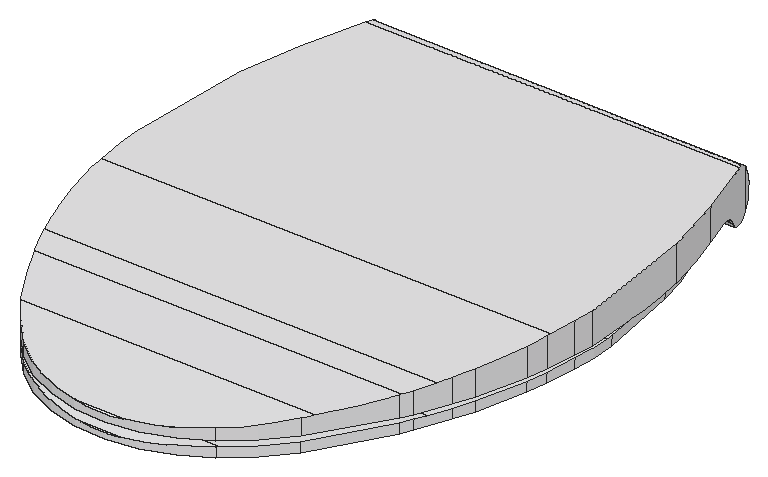
Revit family "Toilet_Seat-Elongated_Closed_Front-KALLISTA-Ultra-P78634", category Specialty Equipment, host Face, Revit 2022 (continued)
Definition of nested family "P78634"
  Automatic sketch dimensions
    Extrusion 21 sketch curve to Extrusion 21 sketch curve = 0.77483"
    Extrusion 21 sketch curve to Extrusion 21 sketch curve = 0.03671"
    Extrusion 21 sketch curve to Extrusion 21 sketch curve = 0"  (x20)
    Extrusion 22 sketch curve to plane 6 = 0.36631"
    Extrusion 22 sketch curve to plane 4 = 16.50161"
    plane 20 "ka" to Extrusion 22 sketch curve = 0.35555"
    Extrusion 22 sketch curve to plane 3 "Center (Left/Right)" = 0.68813"
    Extrusion 22 sketch curve to Extrusion 22 sketch curve = 0.01742"
    plane 3 "Center (Left/Right)" to Extrusion 22 sketch curve = 0.01774"
    Extrusion 22 sketch curve to Extrusion 22 sketch curve = 0.10676"
    plane 3 "Center (Left/Right)" to Extrusion 22 sketch curve = 0.4435"
    Extrusion 22 sketch curve to Extrusion 22 sketch curve = 0.11284"
    Extrusion 22 sketch curve to Extrusion 22 sketch curve = 0.58523"
    Extrusion 22 sketch curve to plane 12 = 0.57932"
    Extrusion 22 sketch curve to plane 11 = 1.29441"
    plane 11 to Extrusion 22 sketch curve = 0.6385"
    plane 5 to Extrusion 22 sketch curve = 3.67262"
    plane 14 to Extrusion 22 sketch curve = 1.84077"
    Extrusion 22 sketch curve to Extrusion 22 sketch curve = 0.03698"
    plane 12 to Extrusion 22 sketch curve = 0.43726"
    plane 12 to Extrusion 22 sketch curve = 0.89236"
    plane 12 to Extrusion 22 sketch curve = 1.0202"
    Extrusion 22 sketch curve to Extrusion 22 sketch curve = 0.06204"
    Extrusion 22 sketch curve to Extrusion 22 sketch curve = 0.43001"
    Extrusion 22 sketch curve to Extrusion 22 sketch curve = 0.02251"
    Extrusion 22 sketch curve to Extrusion 22 sketch curve = 0.84782"
    Extrusion 22 sketch curve to Extrusion 22 sketch curve = 1.27076"
    Extrusion 22 sketch curve to plane 20 "ka" = 0.27182"
    Extrusion 22 sketch curve to Extrusion 22 sketch curve = 0"  (x11)
    Extrusion 23 sketch curve to plane 9 = 0.00318"  (x2)
    Extrusion 23 sketch curve to Extrusion 23 sketch curve = 0.88676"
    Extrusion 23 sketch curve to plane 11 = 1.65842"
    plane 20 "ka" to Extrusion 23 sketch curve = 1.16976"
    plane 20 "ka" to Extrusion 23 sketch curve = 0.28299"
    plane 1 "Center (Front/Back)" to Extrusion 23 sketch curve = 0"  (x2)
    curve 123 to curve 132 = 0"  (x2)
    curve 124 to curve 134 = 0"  (x2)
    curve 125 to curve 135 = 0"  (x2)
    curve 126 to curve 136 = 0"  (x2)
    curve 127 to curve 131 = 0"  (x2)
    curve 128 to curve 130 = 0"  (x2)
    curve 121 to level = 0"
    plane 4 to curve 126 = 0.17305"
    plane 4 to curve 125 = 0.71188"
    plane 10 to curve 124 = 0.15922"
    plane 20 "ka" to curve 114 = 0.1417"
    curve 140 to plane 3 "Center (Left/Right)" = 0.24473"
    plane 3 "Center (Left/Right)" to curve 123 = 0.00198"
    plane 3 "Center (Left/Right)" to curve 133 = 0.00198"
    level to curve 117 = 0.15657"
    curve 117 to plane 11 = 1.93151"
    curve 122 to curve 122 = 0.24349"
    curve 122 to curve 117 = 0.15021"
    curve 121 to plane 11 = 1.17483"
    plane 11 to curve 127 = 0.04923"
    plane 11 to curve 142 = 0.25314"
    curve 130 to plane 5 = 0.25962"
    curve 129 to plane 5 = 0.13368"
    plane 19 to curve 140 = 199.32675"
    curve 116 to curve 120 = 0.04304"
    level to curve 139 = 0.20856"
    curve 115 to curve 122 = 0.08746"
    plane 18 to curve 142 = 0.13183"
    curve 136 to plane 15 = 0.59696"
    curve 129 to plane 15 = 0.5794"
    curve 129 to curve 130 = 0.08396"
    plane 15 to curve 125 = 0.59443"
    plane 15 to curve 131 = 6.18236"
    curve 127 to curve 121 = 3.51297"
    curve 121 to curve 134 = 0.6641"
    curve 124 to curve 133 = 105.26728"
    curve 133 to curve 132 = 0.09227"
    plane 4 to curve 137 = 0.13341"
    curve 126 to curve 126 = 0.04417"
    curve 125 to curve 126 = 0"
    plane 4 to curve 126 = 0.08118"
    plane 4 to curve 136 = 0.06398"
    curve 135 to curve 136 = 0"
    plane 4 to curve 136 = 0.01533"
    curve 134 to curve 135 = 0"
    curve 124 to curve 125 = 0"
    level to curve 138 = 0.20518"
    curve 138 to curve 134 = 0.43712"
    plane 18 to curve 133 = 0.14822"
    curve 132 to curve 134 = 0"
    curve 123 to curve 124 = 0"
    curve 138 to plane 10 = 0.05256"
    level to curve 112 = 0.1552"
    curve 112 to plane 20 "ka" = 0.6457"
    curve 112 to curve 139 = 0.19685"
    curve 140 to plane 17 = 0.0079"
    curve 140 to plane 20 "ka" = 0.27929"
    curve 139 to curve 113 = 0.19685"
    curve 112 to curve 117 = 0.00011"
    curve 121 to curve 122 = 0"
    curve 119 to curve 121 = 0.10272"
    curve 140 to plane 17 = 0.01813"
    curve 119 to curve 120 = 0.19685"
    curve 120 to curve 118 = 0.19685"
    plane 11 to curve 141 = 0.0485"
    curve 127 to curve 123 = 0"
    curve 131 to curve 132 = 0"
    plane 18 to curve 142 = 0.14587"
    curve 131 to curve 142 = 0.1658"
    level to curve 141 = 0.22736"
    curve 142 to curve 141 = 0.31805"
    curve 128 to curve 127 = 0"
    curve 130 to curve 131 = 0"
    curve 137 to plane 5 = 0.13591"
    curve 129 to curve 128 = 0"
    curve 129 to plane 5 = 0.05764"
    curve 130 to plane 5 = 0.01232"
    curve 119 to curve 119 = 0.04842"
    level to curve 141 = 0.21388"
    level to curve 138 = 0.22127"
    curve 137 to plane 18 = 0.15419"
    Masking region 2 sketch curve to Masking region 2 sketch curve = 0"  (x16)
    Masking region 2 sketch curve to plane 7 = 0"
    plane 19 to Masking region 2 sketch curve = 0"
    Masking region 2 sketch curve to plane 16 = 0"
    Masking region 2 sketch curve to plane 15 = 0"  (x2)
    Masking region 2 sketch curve to plane 9 = 0"
    Masking region 2 sketch curve to plane 7 = 3.17588"
    Masking region 2 sketch curve to plane 7 = 8.30115"
    Masking region 2 sketch curve to Masking region 2 sketch curve = 0.09199"
    plane 7 to Masking region 2 sketch curve = 0.13066"
    Masking region 2 sketch curve to Masking region 2 sketch curve = 0.08346"
    plane 7 to Masking region 2 sketch curve = 0.87761"
    plane 7 to Masking region 2 sketch curve = 1.14835"
    plane 17 to Masking region 2 sketch curve = 0.13743"
    Masking region 2 sketch curve to plane 14 = 1.59424"
    level to Masking region 2 sketch curve = 0.21154"
    Masking region 2 sketch curve to Masking region 2 sketch curve = 0.59426"
    Masking region 2 sketch curve to Masking region 2 sketch curve = 0.03099"
    Masking region 2 sketch curve to plane 16 = 0.00204"
    plane 14 to Masking region 2 sketch curve = 0.88123"
    plane 14 to Masking region 2 sketch curve = 1.12792"
    plane 14 to Masking region 2 sketch curve = 2.45366"
    plane 14 to Masking region 2 sketch curve = 2.52007"
    plane 18 to Masking region 2 sketch curve = 0.14819"
    Masking region 2 sketch curve to plane 12 = 1.57839"
    plane 12 to Masking region 2 sketch curve = 1.74792"
    Masking region 2 sketch curve to plane 13 = 2.18344"
    Masking region 2 sketch curve to plane 13 = 1.59182"
    Masking region 2 sketch curve to plane 13 = 1.40775"
    Masking region 2 sketch curve to plane 13 = 1.35288"
    plane 18 to Masking region 2 sketch curve = 0.20331"
    Masking region 2 sketch curve to plane 13 = 1.13635"
    Masking region 2 sketch curve to Masking region 2 sketch curve = 0.26071"
    plane 17 to Masking region 2 sketch curve = 0.00661"
    Masking region 2 sketch curve to Masking region 2 sketch curve = 0.60021"
    level to Masking region 2 sketch curve = 0.04431"
    Masking region 2 sketch curve to Masking region 2 sketch curve = 0.07332"
    Masking region 2 sketch curve to Masking region 2 sketch curve = 0.15857"
    Masking region 2 sketch curve to plane 18 = 0.15207"
    Masking region 2 sketch curve to Masking region 2 sketch curve = 0.12105"
    Masking region 2 sketch curve to plane 13 = 0.44365"
    Masking region 2 sketch curve to plane 13 = 0.31033"
    Masking region 2 sketch curve to plane 13 = 0.29495"
    Masking region 2 sketch curve to plane 13 = 0.06481"
    Masking region 2 sketch curve to plane 18 = 0.08549"
    plane 13 to Masking region 2 sketch curve = 0.17141"
    plane 17 to Masking region 2 sketch curve = 0.08973"
    Masking region 2 sketch curve to plane 18 = 0.01609"
    Masking region 2 sketch curve to Masking region 2 sketch curve = 0.529"
    Masking region 2 sketch curve to Masking region 2 sketch curve = 0.11104"
    plane 18 to Masking region 2 sketch curve = 0.37581"
    Masking region 2 sketch curve to Masking region 2 sketch curve = 0.15757"
    Masking region 2 sketch curve to plane 18 = 0.12165"
    Masking region 2 sketch curve to Masking region 2 sketch curve = 0.5116"
    Masking region 2 sketch curve to Masking region 2 sketch curve = 0.37155"
    Masking region 2 sketch curve to Masking region 2 sketch curve = 0.06723"
    Masking region 2 sketch curve to Masking region 2 sketch curve = 0.12697"
    Masking region 2 sketch curve to Masking region 2 sketch curve = 0.32634"
    Masking region 2 sketch curve to Masking region 2 sketch curve = 0.03556"
    Masking region 2 sketch curve to Masking region 2 sketch curve = 0.08064"
    Masking region 2 sketch curve to Masking region 2 sketch curve = 0.11623"
    plane 1 "Center (Front/Back)" to Masking region 2 sketch curve = 0.44955"
    Masking region 2 sketch curve to Masking region 2 sketch curve = 0.01254"
    plane 1 "Center (Front/Back)" to Masking region 2 sketch curve = 0.40747"
    plane 1 "Center (Front/Back)" to Masking region 2 sketch curve = 0.38371"
    Masking region 2 sketch curve to Masking region 2 sketch curve = 0.08036"
    Masking region 2 sketch curve to plane 15 = 0.04705"
    plane 1 "Center (Front/Back)" to Masking region 2 sketch curve = 0.28768"
    plane 1 "Center (Front/Back)" to Masking region 2 sketch curve = 0.23351"
    Masking region 2 sketch curve to plane 6 = 0.07797"
    level to Masking region 2 sketch curve = 0.00246"  (x2)
    Masking region 2 sketch curve to plane 6 = 0.03289"
    plane 6 to Masking region 2 sketch curve = 0.00267"
    plane 6 to Masking region 2 sketch curve = 4.51158"
    plane 19 to Masking region 2 sketch curve = 1.91239"
    plane 19 to Masking region 2 sketch curve = 2.10952"
    Masking region 2 sketch curve to Masking region 2 sketch curve = 1.1524"
    Masking region 2 sketch curve to Masking region 2 sketch curve = 2.22518"
    Masking region 2 sketch curve to Masking region 2 sketch curve = 23.58557"
    Masking region 2 sketch curve to Masking region 2 sketch curve = 234.97911"
    Masking region 2 sketch curve to Masking region 2 sketch curve = 1.91131"
    level to Masking region 2 sketch curve = 0.18579"
    Masking region 2 sketch curve to Masking region 2 sketch curve = 0.1924"  (x2)
    Masking region 2 sketch curve to Masking region 2 sketch curve = 0.00009"
    Masking region 2 sketch curve to plane 18 = 0.23219"
    Masking region 2 sketch curve to Masking region 2 sketch curve = 0.13299"
    Masking region 2 sketch curve to plane 18 = 0.11565"
    Masking region 2 sketch curve to plane 18 = 0.11272"
    Masking region 2 sketch curve to plane 18 = 0.09846"
    plane 18 to Masking region 2 sketch curve = 0.19487"
    plane 18 to Masking region 2 sketch curve = 0.25463"
    Masking region 2 sketch curve to Masking region 2 sketch curve = 0.14889"
    Masking region 2 sketch curve to Masking region 2 sketch curve = 0.14593"
    plane 18 to Masking region 2 sketch curve = 0.43409"
    Masking region 2 sketch curve to Masking region 2 sketch curve = 0.05395"
    plane 18 to Masking region 2 sketch curve = 0.57403"
    Masking region 2 sketch curve to Masking region 2 sketch curve = 0.28"
    Masking region 2 sketch curve to Masking region 2 sketch curve = 0.22526"
    Masking region 2 sketch curve to Masking region 2 sketch curve = 0.42424"
    Masking region 2 sketch curve to Masking region 2 sketch curve = 0.16317"
    plane 15 to Masking region 2 sketch curve = 3.24413"
    Masking region 2 sketch curve to Masking region 2 sketch curve = 0.85812"
    Masking region 2 sketch curve to Masking region 2 sketch curve = 2.29621"
    Masking region 2 sketch curve to Masking region 2 sketch curve = 0.30258"
    Masking region 2 sketch curve to Masking region 2 sketch curve = 4.24001"
    Masking region 2 sketch curve to Masking region 2 sketch curve = 15.95931"
    Masking region 2 sketch curve to Masking region 2 sketch curve = 6.13147"
    Masking region 2 sketch curve to Masking region 2 sketch curve = 35.35734"
    Masking region 2 sketch curve to Masking region 2 sketch curve = 0.47253"
    Masking region 2 sketch curve to Masking region 2 sketch curve = 217.93552"
    Masking region 2 sketch curve to Masking region 2 sketch curve = 93.74696"
    Masking region 2 sketch curve to Masking region 2 sketch curve = 0.04492"
    Masking region 2 sketch curve to plane 19 = 0.00903"
    Masking region 2 sketch curve to Masking region 2 sketch curve = 0.10671"
    Masking region 2 sketch curve to plane 19 = 0.01046"
    Masking region 2 sketch curve to Masking region 2 sketch curve = 0.0028"
    Masking region 2 sketch curve to Masking region 2 sketch curve = 0.03753"
    Masking region 2 sketch curve to plane 9 = 0.05382"
    curve 91 to curve 97 = 0"  (x2)
    curve 92 to curve 96 = 0"  (x2)
    curve 93 to curve 99 = 0"  (x2)
    curve 94 to curve 100 = 0"  (x2)
    curve 90 to plane 7 = 0"
    curve 73 to plane 14 = 0"
    curve 90 to plane 12 = 0"
    curve 86 to plane 13 = 0"
    curve 89 to plane 13 = 0"
    curve 94 to plane 9 = 0"
    curve 86 to plane 18 = 0"
    plane 7 to curve 89 = 0.7536"
    level to curve 104 = 0.16107"
    curve 104 to plane 14 = 0.51138"
    curve 84 to curve 84 = 0.15198"
    curve 107 to plane 14 = 0.11846"
    plane 14 to curve 83 = 0.05256"
    plane 14 to curve 75 = 0.27524"
    curve 74 to curve 85 = 0.17405"
    curve 97 to plane 12 = 2.26366"
    plane 12 to curve 98 = 0.00275"
    plane 12 to curve 110 = 0.14139"
    curve 82 to plane 18 = 0.00323"
    curve 82 to curve 82 = 0.36275"
    level to curve 110 = 0.22381"
    curve 82 to curve 110 = 0.02981"
    plane 12 to curve 80 = 0.69705"
    plane 18 to curve 81 = 0.15951"
    curve 82 to curve 81 = 0.37488"
    curve 76 to curve 108 = 0.39363"
    level to curve 109 = 0.23068"
    curve 77 to curve 109 = 0.39486"
    plane 12 to curve 79 = 1.61287"
    curve 78 to plane 18 = 0.20657"
    curve 81 to curve 78 = 2.11352"
    curve 86 to plane 13 = 0.03749"
    plane 18 to curve 100 = 0.12082"
    plane 13 to curve 100 = 1.31847"
    plane 13 to curve 87 = 1.38006"
    curve 88 to plane 18 = 0.05712"
    curve 94 to curve 88 = 0.12235"
    plane 1 "Center (Front/Back)" to curve 95 = 0.43069"
    plane 1 "Center (Front/Back)" to curve 99 = 0.40188"
    plane 6 to curve 101 = 0.27746"
    plane 6 to curve 96 = 13.10903"
    plane 19 to curve 87 = 1.07401"
    curve 96 to curve 87 = 169.05742"
    curve 84 to curve 84 = 0.01518"
    level to curve 110 = 0.22038"
    curve 105 to curve 107 = 0.06082"
    level to curve 107 = 0.22409"
    curve 74 to curve 85 = 0.0394"
    curve 76 to curve 111 = 0.04901"
    curve 77 to curve 111 = 0.05211"
    plane 18 to curve 95 = 0.48309"
    plane 18 to curve 98 = 0.59219"
    curve 97 to curve 90 = 0.07869"
    curve 95 to curve 99 = 0.43412"
    curve 101 to plane 15 = 0.48592"
    plane 15 to curve 83 = 0.56503"
    curve 86 to curve 86 = 2 23/128"
    plane 15 to curve 80 = 1.42016"
    curve 80 to curve 91 = 62.63245"
    curve 91 to curve 79 = 34.88108"
    plane 7 to curve 98 = 0.00275"
    curve 89 to plane 18 = 0.12725"
    curve 106 to curve 84 = 0.47756"
    curve 143 to plane 19 = 0.01046"
    curve 143 to curve 84 = 0.43167"
    curve 83 to curve 84 = 0"
    plane 14 to curve 104 = 0.04758"
    curve 104 to curve 73 = 0.03212"
    curve 85 to curve 83 = 0"
    curve 83 to curve 73 = 0.17941"
    curve 73 to curve 85 = 0"
    curve 80 to curve 82 = 0"
    curve 92 to curve 91 = 0"
    curve 96 to curve 97 = 0"
    plane 17 to curve 143 = 0.00661"
    curve 143 to plane 13 = 0.80754"
    curve 79 to plane 18 = 0.15675"
    curve 87 to curve 94 = 0.45051"
    curve 86 to curve 94 = 0.04757"
    curve 86 to curve 88 = 0.18536"
    curve 87 to curve 88 = 0"
    plane 18 to curve 88 = 0.33265"
    level to curve 103 = 0.19486"
    curve 88 to curve 103 = 0.58013"
    curve 103 to curve 102 = 0.19687"
    curve 95 to curve 102 = 0"
    curve 93 to curve 92 = 0"
    curve 99 to curve 96 = 0"
    curve 95 to plane 18 = 0.10976"
    plane 1 "Center (Front/Back)" to curve 95 = 0.23384"
    curve 95 to curve 102 = 0.00647"
    curve 100 to curve 99 = 0"
    curve 94 to curve 93 = 0"
    curve 101 to curve 100 = 0"
    curve 101 to plane 9 = 0.0118"
    plane 6 to curve 103 = 0.00267"
    curve 73 to curve 104 = 0.00042"
    curve 102 to curve 95 = 0.14261"
    plane 18 to curve 98 = 0.25336"
    curve 98 to curve 90 = 0.07869"
